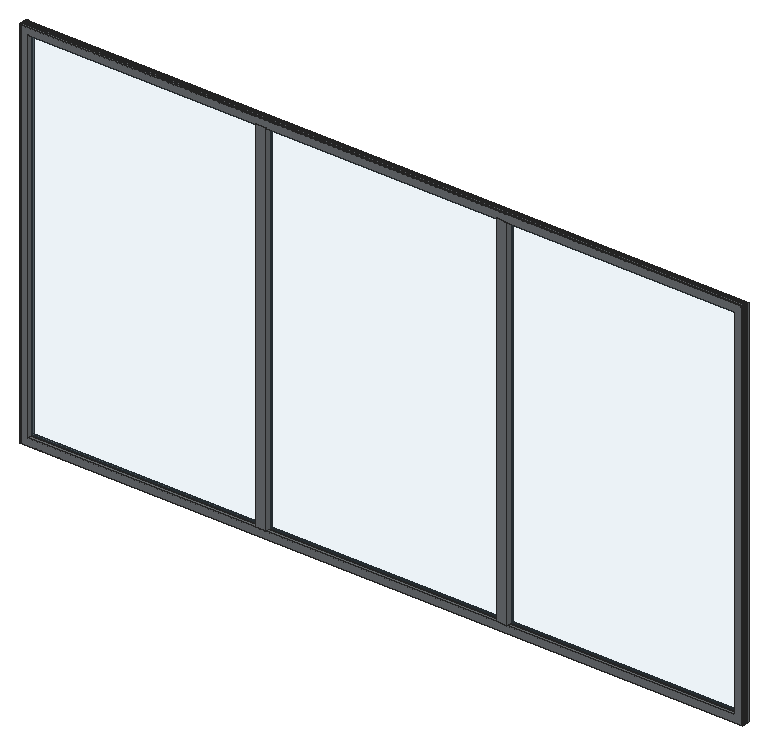
Revit family "Verano_V785_Serena Straight_GM_R21", category Generic Models, Revit 2021
Family settings
  Can host rebar = No
  Round Connector Dimension = Use Diameter
  Part Type = Normal
  Work Plane-Based = No
  Always vertical = Yes
  Cut with Voids When Loaded = No
  Shared = No
  Room Calculation Point = No
Parameters
  Warning - Height [instance] = if(or(Height < Minimal Height, Height > Maximal Height), 1 = 1, 1 = 0)  # no
  Warning - Width [instance] = if(or(Overall Width < Minimal Width, Overall Width > Maximal Width), 1 = 1, 1 = 0)  # no
  URL = "https://verano.nl/catalogus/schuifwanden"
  TWO PART [instance] = PARTS = 2  # no
  THREE PART [instance] = PARTS = 3  # yes
  Panel Material [instance] = Glass
  PARTS [instance] = if(Overall Width Constraint < 1001 mm, 1, if(and(Overall Width Constraint > 1000 mm, Overall Width Constraint < 3001 mm), 2, 3))  # 3
  Overall Width Constraint [instance] = if(Overall Width < Minimal Width, Minimal Width, if(Overall Width > Maximal Width, Maximal Width, Overall Width))  # 5000 mm
  Overall Width [instance] = 5000 mm
  ONE PART [instance] = PARTS = 1  # no
  Model = "V785 Serena"
  Minimal Width [instance] = 250 mm  # constant formula
  Minimal Height [instance] = 2000 mm  # constant formula
  Maximal Width [instance] = 5000 mm  # constant formula
  Maximal Height [instance] = 2600 mm  # constant formula
  Manufacturer = "Verano Systems"
  Height [instance] = 2600 mm
  Height Constraint [instance] = if(Height < Minimal Height, Minimal Height, if(Height > Maximal Height, Maximal Height, Height))  # 2600 mm
  Glass Offset Middle = 20 mm  # constant formula
  Glass Offset End = 34 mm  # constant formula
  Frame Material [instance] = V_Antracite
  Default Elevation = 0 mm
Reference planes
  plane 1 "Center (Front/Back)": y = 0
  plane 2: z = 0
  plane 3 "Center (Left/Right)": x = 0
  plane 4: x = -2500
  plane 5: x = 2500
  plane 6: z = 2600
  plane 7: z = 2600
  plane 8: x = -833.333
  plane 9: x = 833.333
  plane 10 "2H": z = 50
  plane 11: x = -2466
  plane 12: x = 2466
  plane 13: x = 853.333
  plane 14: x = 813.333
  plane 15: x = -20
  plane 16: x = 20
  plane 17: x = -813.333
  plane 18: x = -853.333
  plane 19 "Glass Center": y = 14
  plane 20: z = 34
  plane 21: z = 2550
  plane 22: z = 2574.703
Forms (mm)
  Sweep 1, solid, material "V_Antracite" <- "Frame Material"
    path origin (0, 0, 0) x (1, 0, 0) y (0, 0, 1)
      loop
        line (-2500, 0) -> (2500, 0) -> (2500, 2600) -> (-2500, 2600) -> (-2500, 0)
    profile "Profile_outside : Profile_outside" origin (-2500, 0, 1300) x (-1, 0, 0) y (0, -1, 0)
      loop
        line (-50, 25.5) -> (-50, -4.037) -> (-48.85, -4.349) -> (-48.85, -2.35) -> (-40.11, -2.35) -> (-40.11, -1.05) -> (-48.85, -1.05) -> (-48.85, 7.7) -> (-23.1, 7.7) -> (-23.1, -24.2) -> (-48.85, -24.2) -> (-48.85, -22.5) -> (-47.357, -22.5) -> (-47.357, -21.5) -> (-50, -21.5) -> (-50, -25.5) -> (0, -25.5) -> (0, -22.041) -> (-1.5, -21.639) -> (-1.5, -23.7) -> (-4.9, -23.7) -> (-4.9, -5.7) -> (-1.5, -5.7) -> (-1.5, -7.761) -> (0, -7.359) -> (0, -3.107) -> (-1, -3.107) -> (-1, -4.2) -> (-4.9, -4.2) -> (-4.9, 4.2) -> (-1, 4.2) -> (-1, 3.107) -> (0, 3.107) -> (0, 7.359) -> (-1.5, 7.761) -> (-1.5, 5.7) -> (-4.9, 5.7) -> (-4.9, 23.7) -> (-1.5, 23.7) -> (-1.5, 21.639) -> (0, 22.041) -> (0, 25.5) -> (-50, 25.5)
  Sweep 2, solid, material "V_Antracite" <- "Frame Material", visible <- "THREE PART"
    path origin (0, 0, 0) x (1, 0, 0) y (0, 0, 1)
      loop
        line (-833.333, 50) -> (-833.333, 2550)
    profile "Profile_inside : Profile_inside" origin (-833.333, 0, 1300) x (-1, 0, 0) y (0, -1, 0)
      loop
        line (0, 25.5) -> (-36, 25.5) -> (-36, -4.037) -> (-33.61, -4.687) -> (-33.61, -3.65) -> (-34.85, -3.313) -> (-34.85, -2.35) -> (-26.11, -2.35) -> (-26.11, -1.05) -> (-34.85, -1.05) -> (-34.85, 7.7) -> (-14, 7.7) -> (-14, 3.107) -> (-13, 3.107) -> (-13, 4.2) -> (-9.1, 4.2) -> (-9.1, -3.4) -> (-13, -3.4) -> (-13, -2.307) -> (-14, -2.307) -> (-14, -4.9) -> (-9.1, -4.9) -> (-9.1, -23.7) -> (-27.7, -23.7) -> (-27.7, -22.5) -> (-26.5, -22.5) -> (-26.5, -21.5) -> (-30.343, -21.5) -> (-30.343, -22.5) -> (-28.85, -22.5) -> (-28.85, -24.2) -> (-34.85, -24.2) -> (-34.85, -22.5) -> (-33.357, -22.5) -> (-33.357, -21.5) -> (-36, -21.5) -> (-36, -25.5) -> (0, -25.5) -> (36, -25.5) -> (36, -21.5) -> (33.357, -21.5) -> (33.357, -22.5) -> (34.85, -22.5) -> (34.85, -24.2) -> (28.85, -24.2) -> (28.85, -22.5) -> (30.343, -22.5) -> (30.343, -21.5) -> (26.5, -21.5) -> (26.5, -22.5) -> (27.7, -22.5) -> (27.7, -23.7) -> (9.1, -23.7) -> (9.1, -4.9) -> (14, -4.9) -> (14, -2.307) -> (13, -2.307) -> (13, -3.4) -> (9.1, -3.4) -> (9.1, 4.2) -> (13, 4.2) -> (13, 3.107) -> (14, 3.107) -> (14, 7.7) -> (34.85, 7.7) -> (34.85, -1.05) -> (26.11, -1.05) -> (26.11, -2.35) -> (34.85, -2.35) -> (34.85, -3.313) -> (33.61, -3.65) -> (33.61, -4.687) -> (36, -4.037) -> (36, 25.5) -> (0, 25.5)
  Sweep 3, solid, material "V_Antracite" <- "Frame Material", visible <- "TWO PART"
    path origin (0, 0, 0) x (1, 0, 0) y (0, 0, 1)
      loop
        line (0, 50) -> (0, 2550)
    profile "Profile_inside : Profile_inside" origin (0, 0, 1300) x (-1, 0, 0) y (0, -1, 0)
      loop
        line (0, 25.5) -> (-36, 25.5) -> (-36, -4.037) -> (-33.61, -4.687) -> (-33.61, -3.65) -> (-34.85, -3.313) -> (-34.85, -2.35) -> (-26.11, -2.35) -> (-26.11, -1.05) -> (-34.85, -1.05) -> (-34.85, 7.7) -> (-14, 7.7) -> (-14, 3.107) -> (-13, 3.107) -> (-13, 4.2) -> (-9.1, 4.2) -> (-9.1, -3.4) -> (-13, -3.4) -> (-13, -2.307) -> (-14, -2.307) -> (-14, -4.9) -> (-9.1, -4.9) -> (-9.1, -23.7) -> (-27.7, -23.7) -> (-27.7, -22.5) -> (-26.5, -22.5) -> (-26.5, -21.5) -> (-30.343, -21.5) -> (-30.343, -22.5) -> (-28.85, -22.5) -> (-28.85, -24.2) -> (-34.85, -24.2) -> (-34.85, -22.5) -> (-33.357, -22.5) -> (-33.357, -21.5) -> (-36, -21.5) -> (-36, -25.5) -> (0, -25.5) -> (36, -25.5) -> (36, -21.5) -> (33.357, -21.5) -> (33.357, -22.5) -> (34.85, -22.5) -> (34.85, -24.2) -> (28.85, -24.2) -> (28.85, -22.5) -> (30.343, -22.5) -> (30.343, -21.5) -> (26.5, -21.5) -> (26.5, -22.5) -> (27.7, -22.5) -> (27.7, -23.7) -> (9.1, -23.7) -> (9.1, -4.9) -> (14, -4.9) -> (14, -2.307) -> (13, -2.307) -> (13, -3.4) -> (9.1, -3.4) -> (9.1, 4.2) -> (13, 4.2) -> (13, 3.107) -> (14, 3.107) -> (14, 7.7) -> (34.85, 7.7) -> (34.85, -1.05) -> (26.11, -1.05) -> (26.11, -2.35) -> (34.85, -2.35) -> (34.85, -3.313) -> (33.61, -3.65) -> (33.61, -4.687) -> (36, -4.037) -> (36, 25.5) -> (0, 25.5)
  Sweep 4, solid, material "V_Antracite" <- "Frame Material", visible <- "THREE PART"
    path origin (0, 0, 0) x (1, 0, 0) y (0, 0, 1)
      loop
        line (833.333, 50) -> (833.333, 2550)
    profile "Profile_inside : Profile_inside" origin (833.333, 0, 1300) x (-1, 0, 0) y (0, -1, 0)
      loop
        line (0, 25.5) -> (-36, 25.5) -> (-36, -4.037) -> (-33.61, -4.687) -> (-33.61, -3.65) -> (-34.85, -3.313) -> (-34.85, -2.35) -> (-26.11, -2.35) -> (-26.11, -1.05) -> (-34.85, -1.05) -> (-34.85, 7.7) -> (-14, 7.7) -> (-14, 3.107) -> (-13, 3.107) -> (-13, 4.2) -> (-9.1, 4.2) -> (-9.1, -3.4) -> (-13, -3.4) -> (-13, -2.307) -> (-14, -2.307) -> (-14, -4.9) -> (-9.1, -4.9) -> (-9.1, -23.7) -> (-27.7, -23.7) -> (-27.7, -22.5) -> (-26.5, -22.5) -> (-26.5, -21.5) -> (-30.343, -21.5) -> (-30.343, -22.5) -> (-28.85, -22.5) -> (-28.85, -24.2) -> (-34.85, -24.2) -> (-34.85, -22.5) -> (-33.357, -22.5) -> (-33.357, -21.5) -> (-36, -21.5) -> (-36, -25.5) -> (0, -25.5) -> (36, -25.5) -> (36, -21.5) -> (33.357, -21.5) -> (33.357, -22.5) -> (34.85, -22.5) -> (34.85, -24.2) -> (28.85, -24.2) -> (28.85, -22.5) -> (30.343, -22.5) -> (30.343, -21.5) -> (26.5, -21.5) -> (26.5, -22.5) -> (27.7, -22.5) -> (27.7, -23.7) -> (9.1, -23.7) -> (9.1, -4.9) -> (14, -4.9) -> (14, -2.307) -> (13, -2.307) -> (13, -3.4) -> (9.1, -3.4) -> (9.1, 4.2) -> (13, 4.2) -> (13, 3.107) -> (14, 3.107) -> (14, 7.7) -> (34.85, 7.7) -> (34.85, -1.05) -> (26.11, -1.05) -> (26.11, -2.35) -> (34.85, -2.35) -> (34.85, -3.313) -> (33.61, -3.65) -> (33.61, -4.687) -> (36, -4.037) -> (36, 25.5) -> (0, 25.5)
  Extrusion 5, solid, material "Glass" <- "Panel Material"
    sketch origin (0, 14, 0) x (1, 0, 0) y (0, 0, 1)
      loop
        line (-2466, 2566) -> (-2466, 34) -> (2466, 34) -> (2466, 2566) -> (-2466, 2566)
    from -4 to 4
Lines and regions (mm)
  reference lines
    curve 1: line (-2500, 0, 2600) -> (2500, 0, 2600)
    curve 2: line (2466, 14, 2566) -> (-2466, 14, 2566)
Dimensions and locks
  equal spacing: plane 4, plane 3 "Center (Left/Right)", plane 5
  "Overall Width Constraint": plane 4 to plane 5
  "Height Constraint": plane 6 to plane 2
  "Height Constraint": plane 7 to plane 2
  equal spacing: plane 4, plane 8, plane 9, plane 5
  "Glass Offset End": plane 4 to plane 11
  "Glass Offset End": plane 12 to plane 5
  "Glass Offset Middle": plane 9 to plane 13
  "Glass Offset Middle": plane 14 to plane 9
  "Glass Offset Middle": plane 15 to plane 3 "Center (Left/Right)"
  "Glass Offset Middle": plane 3 "Center (Left/Right)" to plane 16
  "Glass Offset Middle": plane 18 to plane 8
  "Glass Offset Middle": plane 8 to plane 17
  plane 1 "Center (Front/Back)" to plane 19 "Glass Center" = 14 mm
  "Glass Offset End": plane 20 to plane 2
  locked: plane 6 to plane 21 at 50
  plane 7 to plane 22 = 25.297 mm
  locked: curve 2 to curve 1 at 34
  locked: plane 10 "2H" to plane 2 at 50
  aligned and locked: level to plane 2
  aligned and locked: Sweep 1 sketch curve to plane 2
  aligned and locked: plane 5 to Sweep 1 sketch curve
  aligned and locked: plane 7 to Sweep 1 sketch curve
  aligned and locked: plane 6 to Sweep 1 sketch curve
  aligned and locked: plane 4 to Sweep 1 sketch curve
  aligned and locked: plane 5 to curve 1
  aligned and locked: plane 6 to curve 1
  aligned and locked: plane 4 to curve 1
  aligned and locked: plane 10 "2H" to Sweep 2 sketch curve
  aligned and locked: plane 8 to Sweep 2 sketch curve
  aligned and locked: plane 10 "2H" to Sweep 3 sketch curve
  aligned and locked: plane 3 "Center (Left/Right)" to Sweep 3 sketch curve
  aligned and locked: plane 10 "2H" to Sweep 4 sketch curve
  aligned and locked: plane 9 to Sweep 4 sketch curve
  aligned and locked: plane 11 to curve 2
  aligned and locked: plane 12 to curve 2
  aligned and locked: Extrusion 5 sketch curve to plane 11
  aligned and locked: Extrusion 5 sketch curve to curve 2
  aligned and locked: Extrusion 5 sketch curve to plane 12
  aligned and locked: Extrusion 5 sketch curve to plane 20
  aligned and locked: plane 21 to Sweep 2 sketch curve
  aligned and locked: plane 21 to Sweep 3 sketch curve
  aligned and locked: plane 21 to Sweep 4 sketch curve
